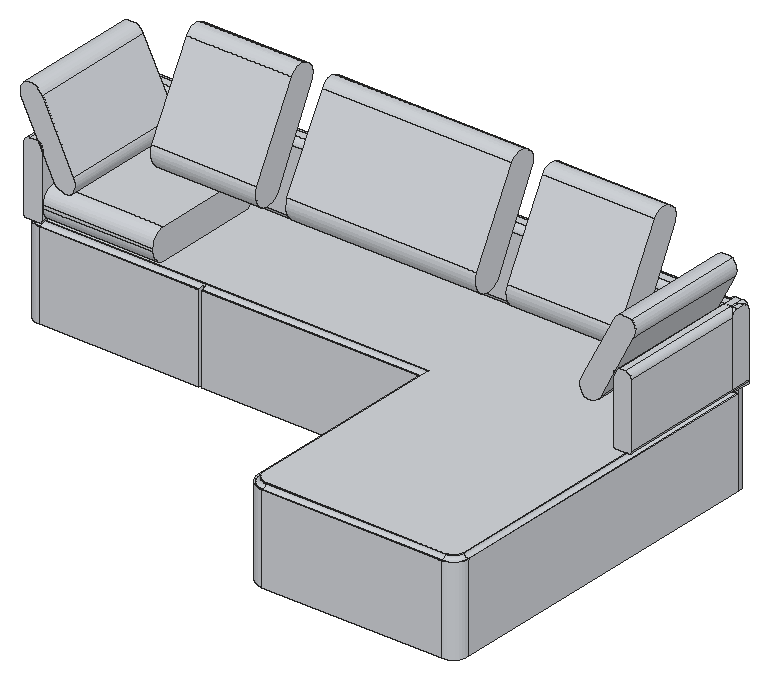
Revit family "Golden Sofa", category Generic Models, Revit 2027
Family settings
  Can host rebar = No
  Round Connector Dimension = Use Diameter
  Part Type = Normal
  Work Plane-Based = No
  Always vertical = Yes
  Cut with Voids When Loaded = No
  Maintain Annotation Orientation = No
  Shared = No
  Room Calculation Point = No
Parameters
  Default Elevation = 0.00 m
  Ancho Y2 = 0.6 * Ancho Y  # 0.72 m
  Ancho Y = 1.20 m
  Ancho X2 = 0.65 * Ancho X  # 1.30 m
  Ancho X = 2.00 m
  Altura Posabrazos = 0.24 m
  Altura Base = 0.30 m
Reference planes (m)
  plane 1 "Center (Front/Back)": y = 0
  plane 2: z = 0
  plane 3 "Center (Left/Right)": x = 0
  plane 4: x = -1
  plane 5: x = 1
  plane 6: y = 0.6
  plane 7: y = -0.6
  plane 8: y = 0.12
  plane 9: x = 0.3
  plane 10 "top base": z = 0.3
  plane 11 "top brazos": z = 0.54
  plane 12: y = 0.4
  plane 13: x = -0.77
  plane 14: x = -0.325
  plane 15: x = 0.77
  plane 16: x = 0.4
Forms (m)
  Extrusion 1, solid
    sketch origin (0.12, 0.04, 0) x (1, 0, 0) y (0, 1, 0)
      loop
        arc (-1.078251, 0.56) -> (-1.107772, 0.547772) -> (-1.12, 0.518251) r 0.041749
        line (-1.12, 0.518251) -> (-1.12, 0.13)
        arc (-1.12, 0.13) -> (-1.105355, 0.094645) -> (-1.07, 0.08) r 0.05
        line (-1.07, 0.08) -> (-0.545, 0.08) -> (-0.545, 0.095) -> (-0.535, 0.095) -> (-0.535, 0.08) -> (0.18, 0.08) -> (0.18, -0.58)
        arc (0.18, -0.58) -> (0.197574, -0.622426) -> (0.24, -0.64) r 0.06
        line (0.24, -0.64) -> (0.83, -0.64)
        arc (0.83, -0.64) -> (0.865355, -0.625355) -> (0.88, -0.59) r 0.05
        line (0.88, -0.59) -> (0.88, 0.52)
        arc (0.88, 0.52) -> (0.868284, 0.548284) -> (0.84, 0.56) r 0.04
        line (0.84, 0.56) -> (-1.078251, 0.56)
    from 0 to 0.3
  Extrusion 2, solid
    sketch origin (0, 0, 0) x (1, 0, 0) y (0, 0, 1)
      loop
        line (-0.992045, 0.3) -> (-0.948115, 0.3)
        arc (-0.948115, 0.3) -> (-0.942377, 0.302377) -> (-0.94, 0.308115) r 0.008115
        line (-0.94, 0.308115) -> (-0.94, 0.52)
        arc (-0.94, 0.52) -> (-0.945858, 0.534142) -> (-0.96, 0.54) r 0.02
        line (-0.96, 0.54) -> (-0.98, 0.54)
        arc (-0.98, 0.54) -> (-0.994142, 0.534142) -> (-1, 0.52) r 0.02
        line (-1, 0.52) -> (-1, 0.307955)
        arc (-1, 0.307955) -> (-0.99767, 0.30233) -> (-0.992045, 0.3) r 0.007955
    from -0.6 to -0.12
  Extrusion 3, solid
    sketch origin (1.94, 0, 0) x (1, 0, 0) y (0, 0, 1)
      loop
        line (-0.992045, 0.3) -> (-0.948115, 0.3)
        arc (-0.948115, 0.3) -> (-0.942377, 0.302377) -> (-0.94, 0.308115) r 0.008115
        line (-0.94, 0.308115) -> (-0.94, 0.52)
        arc (-0.94, 0.52) -> (-0.945858, 0.534142) -> (-0.96, 0.54) r 0.02
        line (-0.96, 0.54) -> (-0.98, 0.54)
        arc (-0.98, 0.54) -> (-0.994142, 0.534142) -> (-1, 0.52) r 0.02
        line (-1, 0.52) -> (-1, 0.307955)
        arc (-1, 0.307955) -> (-0.99767, 0.30233) -> (-0.992045, 0.3) r 0.007955
    from -0.6 to -0.12
  Extrusion 4, solid
    sketch origin (0, 0, 0) x (0, 1, 0) y (0, 0, 1)
      loop
        line (0.6, 0.3) -> (0.6, 0.52)
        arc (0.6, 0.52) -> (0.594142, 0.534142) -> (0.58, 0.54) r 0.02
        line (0.58, 0.54) -> (0.555, 0.54)
        arc (0.555, 0.54) -> (0.540858, 0.534142) -> (0.535, 0.52) r 0.02
        line (0.535, 0.52) -> (0.535, 0.308)
        arc (0.535, 0.308) -> (0.537343, 0.302343) -> (0.543, 0.3) r 0.008
        line (0.543, 0.3) -> (0.6, 0.3)
    from -1 to 1
  Extrusion 5, solid
    sketch origin (-0.05, 0, 0.1) x (1, 0, 0) y (0, 0, 1)
      loop
        line (-0.957739, 0.546251) -> (-0.85257, 0.339847)
        arc (-0.85257, 0.339847) -> (-0.828741, 0.318319) -> (-0.796627, 0.31816) r 0.045
        arc (-0.796627, 0.31816) -> (-0.781372, 0.343679) -> (-0.785361, 0.373142) r 0.045
        line (-0.785361, 0.373142) -> (-0.889745, 0.578008)
        arc (-0.889745, 0.578008) -> (-0.915934, 0.600376) -> (-0.95027, 0.597673) r 0.045
        arc (-0.95027, 0.597673) -> (-0.962176, 0.573149) -> (-0.957739, 0.546251) r 0.045
    from -0.535 to -0.12
  Extrusion 6, solid
    sketch origin (0.05, 0, 0.1) x (-1, 0, 0) y (0, 0, -1)
      loop
        arc (-0.957739, -0.546251) -> (-0.962176, -0.573149) -> (-0.95027, -0.597673) r 0.045
        arc (-0.95027, -0.597673) -> (-0.915934, -0.600376) -> (-0.889745, -0.578008) r 0.045
        line (-0.889745, -0.578008) -> (-0.785361, -0.373142)
        arc (-0.785361, -0.373142) -> (-0.781372, -0.343679) -> (-0.796627, -0.31816) r 0.045
        arc (-0.796627, -0.31816) -> (-0.828741, -0.318319) -> (-0.85257, -0.339847) r 0.045
        line (-0.85257, -0.339847) -> (-0.957739, -0.546251)
    from -0.535 to -0.12
  Extrusion 7, solid
    sketch origin (-0.84, -0.402933, 0.1) x (0, -1, 0) y (0, 0, 1)
      loop
        line (-0.986999, 0.603683) -> (-0.851545, 0.338247)
        arc (-0.851545, 0.338247) -> (-0.821699, 0.311447) -> (-0.781742, 0.314975) r 0.05033
        arc (-0.781742, 0.314975) -> (-0.758999, 0.346963) -> (-0.761991, 0.386096) r 0.057676
        line (-0.761991, 0.386096) -> (-0.906319, 0.646471)
        arc (-0.906319, 0.646471) -> (-0.930786, 0.666277) -> (-0.962144, 0.663519) r 0.042
        line (-0.962144, 0.663519) -> (-0.968679, 0.660184)
        arc (-0.968679, 0.660184) -> (-0.989541, 0.635727) -> (-0.986999, 0.603683) r 0.042
    from -0.415 to -0.07
  Extrusion 8, solid
    sketch origin (-0.28, -0.402933, 0.1) x (0, -1, 0) y (0, 0, 1)
      loop
        line (-0.986999, 0.603683) -> (-0.851545, 0.338247)
        arc (-0.851545, 0.338247) -> (-0.821699, 0.311447) -> (-0.781742, 0.314975) r 0.05033
        arc (-0.781742, 0.314975) -> (-0.758999, 0.346963) -> (-0.761991, 0.386096) r 0.057676
        line (-0.761991, 0.386096) -> (-0.906319, 0.646471)
        arc (-0.906319, 0.646471) -> (-0.930786, 0.666277) -> (-0.962144, 0.663519) r 0.042
        line (-0.962144, 0.663519) -> (-0.968679, 0.660184)
        arc (-0.968679, 0.660184) -> (-0.989541, 0.635727) -> (-0.986999, 0.603683) r 0.042
    from -0.58 to 0.045
  Extrusion 9, solid
    sketch origin (0.84, -0.402933, 0.1) x (0, -1, 0) y (0, 0, -1)
      loop
        arc (-0.986999, -0.603683) -> (-0.989541, -0.635727) -> (-0.968679, -0.660184) r 0.042
        line (-0.968679, -0.660184) -> (-0.962144, -0.663519)
        arc (-0.962144, -0.663519) -> (-0.930786, -0.666277) -> (-0.906319, -0.646471) r 0.042
        line (-0.906319, -0.646471) -> (-0.761991, -0.386096)
        arc (-0.761991, -0.386096) -> (-0.758999, -0.346963) -> (-0.781742, -0.314975) r 0.057676
        arc (-0.781742, -0.314975) -> (-0.821699, -0.311447) -> (-0.851545, -0.338247) r 0.05033
        line (-0.851545, -0.338247) -> (-0.986999, -0.603683)
    from -0.44 to -0.07
  Sweep 10, void
    path in 3D
      loop
        line (-1, 0.558251, 0.3) -> (-1, 0.17, 0.3)
        arc (-1, 0.17, 0.3) -> (-0.985355, 0.134645, 0.3) -> (-0.95, 0.12, 0.3) r 0.05
        line (-0.95, 0.12, 0.3) -> (-0.415, 0.12, 0.3) -> (0.3, 0.12, 0.3) -> (0.3, -0.54, 0.3)
        arc (0.3, -0.54, 0.3) -> (0.317574, -0.582426, 0.3) -> (0.36, -0.6, 0.3) r 0.06
        line (0.36, -0.6, 0.3) -> (0.95, -0.6, 0.3)
        arc (0.95, -0.6, 0.3) -> (0.985355, -0.585355, 0.3) -> (1, -0.55, 0.3) r 0.05
        line (1, -0.55, 0.3) -> (1, 0.56, 0.3)
    profile origin (-0.6825, 0.12, 0.3) x (0, 1, 0) y (0, 0, 1)
      loop
        line (0, 0) -> (0, -0.013397) -> (0.00487, -0.013397)
        arc (0.00487, -0.013397) -> (0.0137, -0.00974) -> (0.017358, -0.00091) r 0.012488
        line (0.017358, -0.00091) -> (0.017358, 0) -> (0, 0)
  Extrusion 11, solid
    sketch origin (0, 0, 0) x (0, 1, 0) y (0, 0, 1)
      loop
        line (0.165, 0.3) -> (0.49, 0.3)
        arc (0.49, 0.3) -> (0.52182, 0.31318) -> (0.535, 0.345) r 0.045
        line (0.535, 0.345) -> (0.535, 0.355)
        arc (0.535, 0.355) -> (0.52182, 0.38682) -> (0.49, 0.4) r 0.045
        line (0.49, 0.4) -> (0.165, 0.4)
        arc (0.165, 0.4) -> (0.13318, 0.38682) -> (0.12, 0.355) r 0.045
        line (0.12, 0.355) -> (0.12, 0.345)
        arc (0.12, 0.345) -> (0.13318, 0.31318) -> (0.165, 0.3) r 0.045
    from -0.94 to -0.575054
Cuts and joins
  Sweep 10 cuts Extrusion 1
  Sweep 10 cuts Extrusion 2
  Sweep 10 cuts Extrusion 4
Lines and regions (m)
  sketch lines
    curve 1: line (-0.95, 0.12, 0.3) -> (-0.415, 0.12, 0.3)
    curve 2: line (-1, 0.558251, 0.3) -> (-1, 0.17, 0.3)
    curve 3: arc (-0.95, 0.12, 0.3) -> (-0.985355, 0.134645, 0.3) -> (-1, 0.17, 0.3) r 0.05
    curve 4: line (-0.415, 0.12, 0.3) -> (0.3, 0.12, 0.3)
    curve 5: line (0.3, 0.12, 0.3) -> (0.3, -0.54, 0.3)
    curve 6: line (0.36, -0.6, 0.3) -> (0.95, -0.6, 0.3)
    curve 7: arc (0.36, -0.6, 0.3) -> (0.317574, -0.582426, 0.3) -> (0.3, -0.54, 0.3) r 0.06
    curve 8: arc (1, -0.55, 0.3) -> (0.985355, -0.585355, 0.3) -> (0.95, -0.6, 0.3) r 0.05
    curve 9: line (1, -0.55, 0.3) -> (1, 0.56, 0.3)
Dimensions and locks (m)
  plane 4 to plane 3 "Center (Left/Right)" to Extrusion 1 = 1.00 m, 1.00 m
  "Ancho X": plane 4 to plane 5
  equal spacing: plane 6, plane 1 "Center (Front/Back)", plane 7
  "Ancho Y": plane 6 to plane 7
  "Ancho X2": plane 4 to plane 9
  "Ancho Y2": plane 8 to plane 7
  "Altura Base": plane 10 "top base" to level
  "Altura Posabrazos": plane 11 "top brazos" to plane 10 "top base"
  plane 13 to plane 4 = 0.23 m
  plane 14 to Extrusion 7 = 0.10 m
  plane 5 to plane 15 = 0.23 m
  plane 16 to plane 9 = 0.10 m
  aligned and locked: level to plane 2
  aligned and locked: Extrusion 1 to plane 4
  aligned and locked: plane 5 to Extrusion 1
  aligned and locked: plane 6 to Extrusion 1
  aligned and locked: Extrusion 1 to plane 7
  aligned and locked: Extrusion 1 to plane 8
  aligned and locked: Extrusion 1 to plane 9
  aligned and locked: plane 10 "top base" to Extrusion 1
  aligned and locked: Extrusion 2 to Extrusion 1
  aligned and locked: Extrusion 1 to Extrusion 2
  aligned and locked: Extrusion 3 to Extrusion 1
  aligned and locked: Extrusion 1 to Extrusion 3
  aligned and locked: Extrusion 1 to Extrusion 4
  aligned and locked: plane 11 "top brazos" to Extrusion 4
  aligned and locked: Extrusion 4 to Extrusion 2
  aligned and locked: Extrusion 4 to Extrusion 3
  aligned and locked: Extrusion 1 to Extrusion 5
  aligned and locked: Extrusion 5 to Extrusion 4
  aligned and locked: Extrusion 1 to Extrusion 7
  aligned and locked: Extrusion 7 to plane 13
  aligned and locked: Extrusion 1 to Extrusion 8
  aligned and locked: Extrusion 8 to plane 14
  aligned and locked: Extrusion 9 to plane 15
  aligned and locked: Extrusion 9 to plane 16
  aligned and locked: Extrusion 11 to cut or joined group of Extrusion 2, Sweep 10
Automatic sketch dimensions
  Extrusion 1 sketch curve to plane 4 = 0.00 m
  Extrusion 1 sketch curve to plane 6 = 0.00 m
  Extrusion 1 sketch curve to plane 8 = 0.00 m  (x2)
  Extrusion 1 sketch curve to plane 9 = 0.00 m
  Extrusion 1 sketch curve to plane 7 = 0.00 m
  Extrusion 1 sketch curve to plane 5 = 0.00 m
  plane 4 to Extrusion 1 sketch curve = 0.041749 m
  plane 4 to Extrusion 1 sketch curve = 0.05 m
  plane 8 to Extrusion 1 sketch curve = 0.015 m
  Extrusion 1 sketch curve to plane 14 = 0.10 m
  Extrusion 1 sketch curve to Extrusion 1 sketch curve = 0.01 m
  plane 9 to Extrusion 1 sketch curve = 0.06 m
  Extrusion 1 sketch curve to Extrusion 1 sketch curve = 0.05 m
  Extrusion 1 sketch curve to Extrusion 1 sketch curve = 0.04 m
  Extrusion 2 sketch curve to plane 4 = 0.00 m
  Extrusion 2 sketch curve to plane 10 "top base" = 0.00 m
  Extrusion 2 sketch curve to plane 11 "top brazos" = 0.00 m
  plane 4 to Extrusion 2 sketch curve = 0.007955 m
  Extrusion 2 sketch curve to Extrusion 2 sketch curve = 0.02 m  (x2)
  plane 10 "top base" to Extrusion 2 sketch curve = 0.008115 m
  Extrusion 2 sketch curve to Extrusion 2 sketch curve = 0.04393 m
  Extrusion 3 sketch curve to plane 10 "top base" = 0.00 m
  Extrusion 3 sketch curve to plane 11 "top brazos" = 0.00 m
  Extrusion 3 sketch curve to plane 5 = 0.00 m
  Extrusion 3 sketch curve to plane 5 = 0.008115 m
  Extrusion 3 sketch curve to plane 5 = 0.02 m
  Extrusion 3 sketch curve to Extrusion 3 sketch curve = 0.02 m
  plane 10 "top base" to Extrusion 3 sketch curve = 0.007955 m
  Extrusion 3 sketch curve to Extrusion 3 sketch curve = 0.04393 m
  Extrusion 4 sketch curve to plane 10 "top base" = 0.00 m
  Extrusion 4 sketch curve to plane 11 "top brazos" = 0.00 m
  Extrusion 4 sketch curve to plane 6 = 0.00 m
  Extrusion 4 sketch curve to plane 6 = 0.02 m
  Extrusion 4 sketch curve to Extrusion 4 sketch curve = 0.025 m
  Extrusion 4 sketch curve to plane 6 = 0.057 m
  plane 10 "top base" to Extrusion 4 sketch curve = 0.008 m
  plane 11 "top brazos" to Extrusion 5 sketch curve = 0.106251 m
  Extrusion 5 sketch curve to plane 4 = 0.007739 m
  plane 11 "top brazos" to Extrusion 5 sketch curve = 0.117578 m
  Extrusion 5 sketch curve to Extrusion 5 sketch curve = 0.027899 m  (x2)
  Extrusion 5 sketch curve to Extrusion 5 sketch curve = 0.012197 m
  plane 11 "top brazos" to Extrusion 5 sketch curve = 0.138008 m
  Extrusion 5 sketch curve to plane 13 = 0.13257 m
  Extrusion 5 sketch curve to Extrusion 5 sketch curve = 0.027115 m
  Extrusion 5 sketch curve to Extrusion 5 sketch curve = 0.012981 m
  Extrusion 5 sketch curve to plane 13 = 0.065361 m
  plane 10 "top base" to Extrusion 5 sketch curve = 0.173142 m
  Extrusion 5 sketch curve to Extrusion 5 sketch curve = 0.012865 m  (x2)
  Extrusion 5 sketch curve to Extrusion 5 sketch curve = 0.007564 m
  Extrusion 5 sketch curve to Extrusion 5 sketch curve = 0.009103 m
  plane 11 "top brazos" to Extrusion 6 sketch curve = 0.106251 m
  plane 5 to Extrusion 6 sketch curve = 0.007739 m
  plane 11 "top brazos" to Extrusion 6 sketch curve = 0.117578 m
  Extrusion 6 sketch curve to Extrusion 6 sketch curve = 0.027899 m  (x2)
  Extrusion 6 sketch curve to Extrusion 6 sketch curve = 0.012197 m
  plane 11 "top brazos" to Extrusion 6 sketch curve = 0.138008 m
  plane 10 "top base" to Extrusion 6 sketch curve = 0.139847 m
  Extrusion 6 sketch curve to plane 5 = 0.09743 m
  Extrusion 6 sketch curve to Extrusion 6 sketch curve = 0.027115 m  (x2)
  Extrusion 6 sketch curve to Extrusion 6 sketch curve = 0.012981 m
  plane 10 "top base" to Extrusion 6 sketch curve = 0.173142 m
  Extrusion 6 sketch curve to Extrusion 6 sketch curve = 0.009103 m
  Extrusion 6 sketch curve to Extrusion 6 sketch curve = 0.012865 m
  Extrusion 6 sketch curve to Extrusion 6 sketch curve = 0.007564 m
  Extrusion 7 sketch curve to plane 6 = 0.015934 m
  Extrusion 7 sketch curve to plane 6 = 0.034254 m
  Extrusion 7 sketch curve to Extrusion 7 sketch curve = 0.006536 m  (x2)
  Extrusion 7 sketch curve to Extrusion 7 sketch curve = 0.019091 m  (x2)
  Extrusion 7 sketch curve to Extrusion 7 sketch curve = 0.036734 m
  Extrusion 7 sketch curve to plane 12 = 0.048612 m
  Extrusion 7 sketch curve to plane 12 = 0.011639 m
  Extrusion 7 sketch curve to plane 12 = 0.002848 m
  plane 12 to Extrusion 7 sketch curve = 0.040942 m
  plane 10 "top base" to Extrusion 7 sketch curve = 0.138247 m
  Extrusion 7 sketch curve to Extrusion 7 sketch curve = 0.020947 m
  Extrusion 7 sketch curve to Extrusion 7 sketch curve = 0.003202 m
  Extrusion 7 sketch curve to Extrusion 7 sketch curve = 0.026903 m
  plane 11 "top brazos" to Extrusion 7 sketch curve = 0.163683 m
  Extrusion 7 sketch curve to Extrusion 7 sketch curve = 0.003335 m
  Extrusion 7 sketch curve to Extrusion 7 sketch curve = 0.020362 m
  Extrusion 8 sketch curve to plane 6 = 0.015934 m
  Extrusion 8 sketch curve to plane 6 = 0.034254 m
  Extrusion 8 sketch curve to Extrusion 8 sketch curve = 0.006536 m  (x2)
  Extrusion 8 sketch curve to Extrusion 8 sketch curve = 0.019091 m  (x2)
  Extrusion 8 sketch curve to Extrusion 8 sketch curve = 0.036734 m
  Extrusion 8 sketch curve to plane 12 = 0.048612 m
  Extrusion 8 sketch curve to plane 12 = 0.011639 m
  Extrusion 8 sketch curve to plane 12 = 0.002848 m
  plane 12 to Extrusion 8 sketch curve = 0.040942 m
  plane 10 "top base" to Extrusion 8 sketch curve = 0.138247 m
  Extrusion 8 sketch curve to Extrusion 8 sketch curve = 0.020947 m
  Extrusion 8 sketch curve to Extrusion 8 sketch curve = 0.003202 m
  Extrusion 8 sketch curve to Extrusion 8 sketch curve = 0.026903 m
  plane 11 "top brazos" to Extrusion 8 sketch curve = 0.163683 m
  Extrusion 8 sketch curve to Extrusion 8 sketch curve = 0.003335 m
  Extrusion 8 sketch curve to Extrusion 8 sketch curve = 0.020362 m
  Extrusion 9 sketch curve to plane 6 = 0.015934 m
  Extrusion 9 sketch curve to plane 6 = 0.034254 m
  Extrusion 9 sketch curve to Extrusion 9 sketch curve = 0.006536 m  (x2)
  Extrusion 9 sketch curve to Extrusion 9 sketch curve = 0.03741 m
  Extrusion 9 sketch curve to Extrusion 9 sketch curve = 0.036734 m
  Extrusion 9 sketch curve to plane 12 = 0.048612 m
  Extrusion 9 sketch curve to plane 12 = 0.011639 m
  Extrusion 9 sketch curve to plane 12 = 0.002848 m
  plane 12 to Extrusion 9 sketch curve = 0.040942 m
  plane 11 "top brazos" to Extrusion 9 sketch curve = 0.223519 m
  Extrusion 9 sketch curve to Extrusion 9 sketch curve = 0.003335 m  (x2)
  Extrusion 9 sketch curve to Extrusion 9 sketch curve = 0.017048 m
  plane 10 "top base" to Extrusion 9 sketch curve = 0.186096 m
  Extrusion 9 sketch curve to Extrusion 9 sketch curve = 0.023701 m
  Extrusion 9 sketch curve to Extrusion 9 sketch curve = 0.003202 m
  Extrusion 9 sketch curve to Extrusion 9 sketch curve = 0.024149 m
  Sweep 10 sketch curve to profile plane = 0.00 m  (x2)
  Sweep 10 sketch curve to profile plane = 0.00091 m
  Sweep 10 sketch curve to profile plane = 0.00487 m
  Sweep 10 sketch curve to Sweep 10 sketch curve = 0.012488 m
  Extrusion 11 sketch curve to plane 8 = 0.00 m
  Extrusion 11 sketch curve to plane 10 "top base" = 0.00 m
  plane 8 to Extrusion 11 sketch curve = 0.045 m  (x2)
  plane 10 "top base" to Extrusion 11 sketch curve = 0.045 m
  Extrusion 11 sketch curve to plane 12 = 0.09 m
  Extrusion 11 sketch curve to Extrusion 11 sketch curve = 0.045 m
  Extrusion 11 sketch curve to Extrusion 11 sketch curve = 0.01 m
